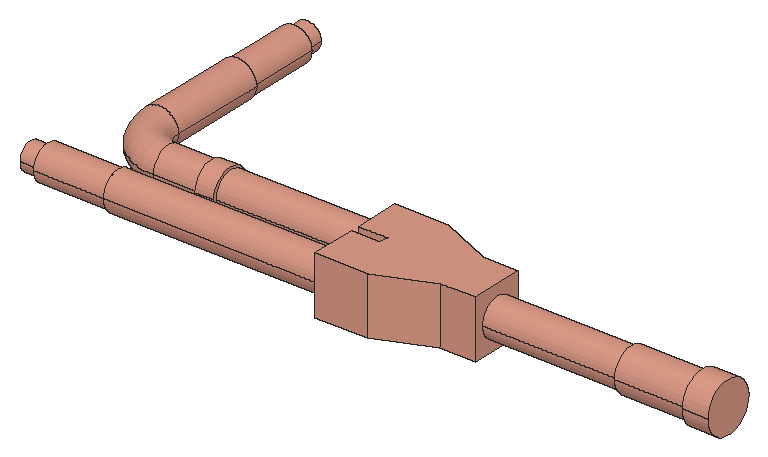
Revit family "outputfile", category 配管付属品, Revit 2024
Family settings
  丸型コネクタ寸法 = 半径を使用
  パーツ タイプ = 標準
  OmniClass 番号 = 23.65.55.00
  OmniClass タイトル = Distribution of Supplied Liquids/Gases
  作業面ベース = いいえ
  常に垂直 = はい
  ロード時にボイドで切り取り = いいえ
  共有 = いいえ
Parameters (values of type "BHFP26MA84_(2)")
  Description = ""
  製造元 = "Daikin"
  書き出し IFC クラス(タイプ) = "IfcPipeFittingType"
  Default Elevation = 0.0 mm
  定義済み IFC タイプ(タイプ) = "JUNCTION"
  Cost = 0
  モデル = "BHFP26MA84_(2)"
  Type Comments = ""
  Keynote = ""
  Type Image = (empty or 0)
  Assembly Code = ""
  table_PipeToCU_B [instance] = if(mm⇔inch, "Multi Module Kit_BHFP26MA-_Liquid_PipeToCU_B", "Multi Module Kit_BHFP26MA-_Liquid_PipeToCU_B_inch")  # "Multi Module Kit_BHFP26MA-_Liquid_PipeToCU_B"
  table_PipeToCU_A [instance] = if(mm⇔inch, "Multi Module Kit_BHFP26MA-_Liquid_PipeToCU_A", "Multi Module Kit_BHFP26MA-_Liquid_PipeToCU_A_inch")  # "Multi Module Kit_BHFP26MA-_Liquid_PipeToCU_A"
  table_ToMainPipe [instance] = if(mm⇔inch, "Multi Module Kit_BHFP26MA-_Liquid_ToMainPipe", "Multi Module Kit_BHFP26MA-_Liquid_ToMainPipe_inch")  # "Multi Module Kit_BHFP26MA-_Liquid_ToMainPipe"
  switch_ToMainPipe3 [instance] = if(number_ToMainPipe < 3, 1 = 0, 1 = 1)  # no
  switch_PipeToCU_B Reducer [instance] = if(and(Is_PipeToCU_B Reducer = 1, judge_IsOffsetPipe_ToOutdoorUnitB = 0), 1 = 1, 1 = 0)  # no
  switch_PipeToCU_B4 [instance] = if(number_PipeToCU_B < 4, 1 = 0, 1 = 1)  # no
  switch_PipeToCU_B3 [instance] = if(number_PipeToCU_B < 3, 1 = 0, 1 = 1)  # no
  switch_PipeToCU_B2 [instance] = if(number_PipeToCU_B < 2, 1 = 0, 1 = 1)  # yes
  switch_PipeToCU_A Reducer [instance] = if(Is_PipeToCU_A Reducer = 1, 1 = 1, 1 = 0)  # yes
  switch_ToMainPipe Reducer [instance] = if(Is_ToMainPipe Reducer = 1, 1 = 1, 1 = 0)  # no
  switch_ToMainPipe2 [instance] = if(number_ToMainPipe < 2, 1 = 0, 1 = 1)  # yes
  r_PipeToCU_B_ActualDiameter [instance] = PipeToCU_B_Liquid_ActualDiameter / 2  # 4.75 mm
  r_PipeToCU_A_ActualDiameter [instance] = PipeToCU_A_Liquid_ActualDiameter / 2  # 4.75 mm
  r_ToMainPipe_ActualDiameter [instance] = ToMainPipe_Liquid_ActualDiameter / 2  # 9.55 mm
  number_PipeToCU_B ReducerPipe [instance] = size_lookup(table_PipeToCU_B, "reducerPipeNumber", 0, モデル, judge_IsOffsetPipe_ToOutdoorUnitB, PipeToCU_B_Liquid_ActualDiameter)  # 0
  number_PipeToCU_B [instance] = size_lookup(table_PipeToCU_B, "pipeNumber", 2, モデル, judge_IsOffsetPipe_ToOutdoorUnitB, PipeToCU_B_Liquid_ActualDiameter)  # 2
  number_PipeToCU_A ReducerPipe [instance] = size_lookup(table_PipeToCU_A, "reducerPipeNumber", 3, モデル, PipeToCU_A_Liquid_ActualDiameter)  # 3
  number_ToMainPipe [instance] = size_lookup(table_ToMainPipe, "pipeNumber", 3, モデル, ToMainPipe_Liquid_ActualDiameter)  # 2
  mm⇔inch [instance] = yes
  l_ToMainPipe3 [instance] = size_lookup(table_ToMainPipe, "L_Pipe3", 11.0 mm, モデル)  # 2.0 mm
  judge_IsOffsetPipe_ToOutdoorUnitB [instance] = 0  # constant formula
  Unit Type = "BHFP26MA-_Liquid"
  Uniclass2015Version = "Products v1.31"
  Uniclass2015Title = "Copper pipe fittings"
  Uniclass2015Code = "Pr_65_52_63_18"
  URL = ""
  ToMainPipe_Liquid_Status [instance] = size_lookup(table_ToMainPipe, "Information", "The connected pipe size is not available.", モデル, ToMainPipe_Liquid_ActualDiameter)  # "Default connector size is used."
  ToMainPipe_Liquid_ActualDiameter [instance] = 19.1 mm
  Tag No. [instance] = ""
  Series = "Multi Module kit"
  PipeToCU_B_Liquid_Status [instance] = size_lookup(table_PipeToCU_B, "Information", "The connected pipe size is not available.", モデル, judge_IsOffsetPipe_ToOutdoorUnitB, PipeToCU_B_Liquid_ActualDiameter)  # "Default connector size is used."
  PipeToCU_B_Liquid_ActualDiameter [instance] = 9.5 mm
  PipeToCU_A_Liquid_Status [instance] = size_lookup(table_PipeToCU_A, "Information", "The connected pipe size is not available.", モデル, PipeToCU_A_Liquid_ActualDiameter)  # "Reducer is used at connector."
  PipeToCU_A_Liquid_ActualDiameter [instance] = 9.5 mm
  O.D_PipeToCU_B Reducer [instance] = size_lookup(table_PipeToCU_B, "O.D_reducer", 2.0 mm, モデル, judge_IsOffsetPipe_ToOutdoorUnitB, PipeToCU_B_Liquid_ActualDiameter)  # 2.0 mm
  Material_Piping = DAIKIN_Copper_Pipe
  Material_Insulation = DAIKIN_White_Insulation
  location_PipeToCU_A connector [instance] = size_lookup(table_PipeToCU_A, "Locationconnector", 107.0 mm, モデル, PipeToCU_A_Liquid_ActualDiameter)  # 107.0 mm
  l_PipeToCU_B connector [instance] = size_lookup(table_PipeToCU_B, "Length", 128.0 mm, モデル, judge_IsOffsetPipe_ToOutdoorUnitB, PipeToCU_B_Liquid_ActualDiameter)  # 128.0 mm
  l_PipeToCU_B Reducer [instance] = 80.0 mm  # constant formula
  l_PipeToCU_B4 [instance] = size_lookup(table_PipeToCU_B, "L_Pipe4", 2.0 mm, モデル)  # 2.0 mm
  l_PipeToCU_B3 [instance] = size_lookup(table_PipeToCU_B, "L_Pipe3", 2.0 mm, モデル)  # 2.0 mm
  l_PipeToCU_B2 [instance] = size_lookup(table_PipeToCU_B, "L_Pipe2", 7.0 mm, モデル)  # 7.0 mm
  l_PipeToCU_B1 [instance] = size_lookup(table_PipeToCU_B, "L_Pipe1", 30.0 mm, モデル)  # 30.0 mm
  l_PipeToCU_B0 [instance] = size_lookup(table_PipeToCU_B, "L_Pipe0", 91.0 mm, モデル)  # 91.0 mm
  l_PipeToCU_A connector [instance] = size_lookup(table_PipeToCU_A, "Length", 97.0 mm, モデル, PipeToCU_A_Liquid_ActualDiameter)  # 97.0 mm
  l_PipeToCU_A1 [instance] = size_lookup(table_PipeToCU_A, "L_Pipe1", 8.0 mm, モデル)  # 8.0 mm
  l_PipeToCU_A0 [instance] = size_lookup(table_PipeToCU_A, "L_Pipe0", 62.0 mm, モデル)  # 62.0 mm
  l_ToMainPipe connector [instance] = size_lookup(table_ToMainPipe, "Length", 128.0 mm, モデル, ToMainPipe_Liquid_ActualDiameter)  # 98.0 mm
  l_ToMainPipe Reducer [instance] = size_lookup(table_ToMainPipe, "L_Reducer", 2.0 mm, モデル, ToMainPipe_Liquid_ActualDiameter)  # 2.0 mm
  l_ToMainPipe2 [instance] = size_lookup(table_ToMainPipe, "L_Pipe2", 30.0 mm, モデル)  # 11.0 mm
  l_ToMainPipe1 [instance] = size_lookup(table_ToMainPipe, "L_Pipe1", 30.0 mm, モデル)  # 30.0 mm
  l_ToMainPipe0 [instance] = size_lookup(table_ToMainPipe, "L_Pipe0", 57.0 mm, モデル)  # 57.0 mm
  judge_JointType(1or2) = 2
  count_PipeToCU_B Reducer [instance] = 0  # constant formula
  count_PipeToCU_A Reducer [instance] = size_lookup(table_PipeToCU_A, "reducerCount", 1, モデル, PipeToCU_A_Liquid_ActualDiameter)  # 1
  angle_PipeToCU_A Pipe [instance] = if([RotateBranchPipetoCU_A_-90°], 270.00°, 0.00°)  # 0.00°
  angle_PipeToCU_A Connector [instance] = angle_PipeToCU_A Pipe + 90.00°  # 90.00°
  PipeToCU_B_Liquid_AvailableDiameter [instance] = size_lookup(table_PipeToCU_B, "sizeVariation", "", モデル, judge_IsOffsetPipe_ToOutdoorUnitB)  # "9.5/12.7mm"
  PipeToCU_A_Liquid_AvailableDiameter [instance] = size_lookup(table_PipeToCU_A, "sizeVariation", "", モデル)  # "9.5/12.7mm"
  ToMainPipe_Liquid_AvailableDiameter [instance] = size_lookup(table_ToMainPipe, "sizeVariation", "", モデル)  # "15.9/19.1mm"
  RotateBranchPipetoCU_A_-90° [instance] = no
  O.D_ToMainPipe Reducer [instance] = size_lookup(table_ToMainPipe, "O.D_reducer", 2.0 mm, モデル, ToMainPipe_Liquid_ActualDiameter)  # 2.0 mm
  Link_Nested Family [instance] = ""
  Is_PipeToCU_B Reducer [instance] = size_lookup(table_PipeToCU_B, "IsReducer", 0, モデル, judge_IsOffsetPipe_ToOutdoorUnitB, PipeToCU_B_Liquid_ActualDiameter)  # 0
  Is_PipeToCU_A Reducer [instance] = size_lookup(table_PipeToCU_A, "IsReducer", 1, モデル, PipeToCU_A_Liquid_ActualDiameter)  # 1
  Is_ToMainPipe Reducer [instance] = size_lookup(table_ToMainPipe, "IsReducer", 0, モデル, ToMainPipe_Liquid_ActualDiameter)  # 0
  IfcVersion = ""
  IfcExportType = "JUNCTION"
  IfcExportAs = "IfcPipeFittingType"
  I.D_ToMainPipe3 [instance] = size_lookup(table_ToMainPipe, "I.D_PipeSize3", 22.2 mm, モデル)  # 2.0 mm
  I.D_PipeToCU_B Reducer [instance] = size_lookup(table_PipeToCU_B, "I.D_reducer", 2.0 mm, モデル, judge_IsOffsetPipe_ToOutdoorUnitB, PipeToCU_B_Liquid_ActualDiameter)  # 2.0 mm
  Attach_Insulation [instance] = no
  I.D_PipeToCU_B4 [instance] = size_lookup(table_PipeToCU_B, "I.D_PipeSize4", 2.0 mm, モデル)  # 2.0 mm
  I.D_PipeToCU_B3 [instance] = size_lookup(table_PipeToCU_B, "I.D_PipeSize3", 2.0 mm, モデル)  # 2.0 mm
  I.D_PipeToCU_B2 [instance] = size_lookup(table_PipeToCU_B, "I.D_PipeSize2", 9.5 mm, モデル)  # 9.5 mm
  I.D_PipeToCU_B1 [instance] = size_lookup(table_PipeToCU_B, "I.D_PipeSize1", 12.7 mm, モデル)  # 12.7 mm
  I.D_PipeToCU_B0 [instance] = size_lookup(table_PipeToCU_B, "I.D_PipeSize0", 13.9 mm, モデル)  # 13.9 mm
  I.D_PipeToCU_A1 [instance] = 15.5 mm  # constant formula
  I.D_PipeToCU_A0 [instance] = 13.9 mm  # constant formula
  I.D_ToMainPipe Reducer [instance] = size_lookup(table_ToMainPipe, "I.D_reducer", 2.0 mm, モデル, ToMainPipe_Liquid_ActualDiameter)  # 2.0 mm
  I.D_ToMainPipe2 [instance] = size_lookup(table_ToMainPipe, "I.D_PipeSize2", 19.1 mm, モデル)  # 19.1 mm
  I.D_ToMainPipe1 [instance] = size_lookup(table_ToMainPipe, "I.D_PipeSize1", 15.9 mm, モデル)  # 15.9 mm
  I.D_ToMainPipe0 [instance] = size_lookup(table_ToMainPipe, "I.D_PipeSize0", 13.9 mm, モデル)  # 13.9 mm
Reference planes
  plane 1 "Center (Front/Back)": y = 0
  plane 2: z = 0
  plane 3 "pipe2": x = 225.65
  plane 4: x = 214.65
  plane 5: x = 184.65
  plane 6: x = 127.65
  plane 7: x = 67.65
  plane 8: x = -2.35
  plane 9: x = -23.35
  plane 10: x = -53.35
  plane 11: x = -60.35
  plane 12: x = -62.35
  plane 13: x = -64.35
  plane 14 "offset_center": y = 11.5
  plane 15: y = -11.5
  plane 16: x = 5.65
  plane 17: x = 177.65
  plane 18 "ToMainPipe_connector": x = 225.65
  plane 19 "connector_OutdoorunitA": x = -39.35
  plane 20 "connector_ToOutdoorUnitB": x = -104.35
  plane 21 "pipe3": x = 227.65
  plane 22 "connector_PipeToCU_B": x = -60.35
Forms (mm)
  Extrusion 1, solid, material "DAIKIN_Copper_Pipe" <- "Material_Piping"
    sketch origin (0, 0, 0) x (1, 0, 0) y (0, 1, 0)
      loop
        line (67.65, 1.998) -> (79.65, 1.998) -> (79.65, -1.998) -> (67.65, -1.998) -> (67.65, -21.2) -> (89.801, -21.2) -> (112.65, -11.3) -> (127.65, -11.3) -> (127.65, 11.3) -> (112.65, 11.3) -> (89.801, 21.2) -> (67.65, 21.2) -> (67.65, 1.998)
    from -12.2 to 12.2
Dimensions and locks
  locked: plane 6 to plane 17 at 50
  "l_PipeToCU_A1": plane 8 to plane 16
  "l_PipeToCU_B1": plane 10 to plane 9
  "l_PipeToCU_B2": plane 11 to plane 10
  "l_PipeToCU_B3": plane 12 to plane 11
  "l_PipeToCU_B4": plane 13 to plane 12
  locked: plane 7 to plane 6 at 60
  "l_ToMainPipe1": plane 5 to plane 4
  "l_ToMainPipe2": plane 4 to plane 3 "pipe2"
  "l_ToMainPipe0": plane 6 to plane 5
  "l_ToMainPipe connector": plane 6 to plane 18 "ToMainPipe_connector"
  plane 14 "offset_center" to plane 1 "Center (Front/Back)" to plane 15 = 11.5 mm locked, 11.5 mm locked
  locked: plane 1 "Center (Front/Back)" to Extrusion 1 sketch curve at 11.3  (x2)
  locked: Extrusion 1 sketch curve to plane 1 "Center (Front/Back)" at 21.2
  locked: plane 1 "Center (Front/Back)" to Extrusion 1 sketch curve at 21.2
  "l_PipeToCU_A0": plane 16 to plane 7
  "location_PipeToCU_A connector": plane 19 "connector_OutdoorunitA" to plane 7
  "l_PipeToCU_B0": plane 9 to plane 7
  "l_ToMainPipe3": plane 3 "pipe2" to plane 21 "pipe3"
  "l_PipeToCU_B connector": plane 22 "connector_PipeToCU_B" to plane 7
  aligned and locked: level to plane 2
  aligned and locked: plane 2 to nested 1
  aligned and locked: plane 1 "Center (Front/Back)" to nested 1
  aligned and locked: plane 3 "pipe2" to nested 1
  aligned and locked: plane 4 to nested 1
  aligned and locked: plane 4 to nested 2
  aligned and locked: plane 5 to nested 2
  aligned and locked: plane 5 to nested 3
  aligned and locked: plane 6 to nested 3
  aligned and locked: plane 6 to Extrusion 1
  aligned and locked: Extrusion 1 to plane 7  (x2)
  aligned and locked: plane 7 to nested 4
  aligned and locked: plane 8 to nested 5
  aligned and locked: plane 16 to nested 5
  aligned and locked: nested 5 to plane 14 "offset_center"
  aligned and locked: nested 6 to plane 15
  aligned and locked: plane 7 to nested 6
  aligned and locked: plane 9 to nested 6
  aligned and locked: plane 10 to nested 7
  aligned and locked: plane 9 to nested 7
  aligned and locked: plane 11 to nested 8
  aligned and locked: plane 10 to nested 8
  aligned and locked: plane 12 to nested 9
  aligned and locked: plane 11 to nested 9
  aligned and locked: plane 13 to nested 10
  aligned and locked: plane 12 to nested 10
  aligned and locked: nested 10 to plane 15
  aligned and locked: nested 9 to plane 15
  aligned and locked: nested 8 to plane 15
  aligned and locked: nested 7 to plane 15
  aligned and locked: plane 1 "Center (Front/Back)" to nested 11
  aligned and locked: plane 17 to nested 11
  aligned and locked: plane 16 to nested 4
  aligned and locked: nested 12 to plane 14 "offset_center"
  aligned and locked: plane 8 to nested 12
  aligned and locked: plane 1 "Center (Front/Back)" to nested 13
  aligned and locked: plane 18 "ToMainPipe_connector" to nested 13
  aligned and locked: plane 6 to nested 14
  aligned and locked: plane 1 "Center (Front/Back)" to nested 3
  aligned and locked: plane 14 "offset_center" to nested 15
  aligned and locked: nested 15 to plane 19 "connector_OutdoorunitA"
  aligned and locked: nested 16 to plane 7
  aligned and locked: nested 4 to plane 14 "offset_center"
  aligned and locked: plane 3 "pipe2" to nested 17
  aligned and locked: plane 21 "pipe3" to nested 17
  aligned and locked: nested 16 to plane 15
  aligned and locked: nested 18 to plane 22 "connector_PipeToCU_B"
  aligned and locked: plane 15 to nested 18
Automatic sketch dimensions
  Extrusion 1 sketch curve to plane 7 = 0.0 mm  (x2)
  Extrusion 1 sketch curve to plane 6 = 0.0 mm
  Extrusion 1 sketch curve to plane 1 "Center (Front/Back)" = 1.998 mm
  plane 7 to Extrusion 1 sketch curve = 12.0 mm
  Extrusion 1 sketch curve to Extrusion 1 sketch curve = 10.151 mm  (x2)
  Extrusion 1 sketch curve to Extrusion 1 sketch curve = 15.0 mm  (x2)
  plane 1 "Center (Front/Back)" to Extrusion 1 sketch curve = 1.998 mm
Nested families
  nested 1: "daikin_Pipe" at (220.15, 0, 0), I.D_Pipe <- "I.D_ToMainPipe2", display <- "switch_ToMainPipe2", type "*"
    with length_Pipe 11.0 mm, display yes, O.D_Pipe 21.1 mm, I.D_Pipe 19.1 mm
  nested 2: "daikin_Pipe" at (199.65, 0, 0), I.D_Pipe <- "I.D_ToMainPipe1", type "*"
    with length_Pipe 30.0 mm, display yes, O.D_Pipe 17.9 mm, I.D_Pipe 15.9 mm
  nested 3: "daikin_Pipe" at (156.15, 0, 0), I.D_Pipe <- "I.D_ToMainPipe0", type "*"
    with length_Pipe 57.0 mm, display yes, O.D_Pipe 15.9 mm, I.D_Pipe 13.9 mm
  nested 4: "daikin_Pipe" at (36.65, 11.5, 0), I.D_Pipe <- "I.D_PipeToCU_A0", type "*"
    with length_Pipe 62.0 mm, display yes, O.D_Pipe 15.9 mm, I.D_Pipe 13.9 mm
  nested 5: "daikin_Pipe" at (1.65, 11.5, 0), I.D_Pipe <- "I.D_PipeToCU_A1", type "*"
    with length_Pipe 8.0 mm, display yes, O.D_Pipe 17.5 mm, I.D_Pipe 15.5 mm
  nested 6: "daikin_Pipe" at (22.15, -11.5, 0), I.D_Pipe <- "I.D_PipeToCU_B0", type "*"
    with length_Pipe 91.0 mm, display yes, O.D_Pipe 15.9 mm, I.D_Pipe 13.9 mm
  nested 7: "daikin_Pipe" at (-38.35, -11.5, 0), I.D_Pipe <- "I.D_PipeToCU_B1", type "*"
    with length_Pipe 30.0 mm, display yes, O.D_Pipe 14.7 mm, I.D_Pipe 12.7 mm
  nested 8: "daikin_Pipe" at (-56.85, -11.5, 0), I.D_Pipe <- "I.D_PipeToCU_B2", display <- "switch_PipeToCU_B2", type "*"
    with length_Pipe 7.0 mm, display yes, O.D_Pipe 11.5 mm, I.D_Pipe 9.5 mm
  nested 9: "daikin_Pipe" at (-61.35, -11.5, 0), display <- "switch_PipeToCU_B3", I.D_Pipe <- "I.D_PipeToCU_B3", visible <- "switch_PipeToCU_B3", type "*"
    with length_Pipe 2.0 mm, display no, O.D_Pipe 4.0 mm, I.D_Pipe 2.0 mm
  nested 10: "daikin_Pipe" at (-63.35, -11.5, 0), display <- "switch_PipeToCU_B4", I.D_Pipe <- "I.D_PipeToCU_B4", visible <- "switch_PipeToCU_B4", type "*"
    with length_Pipe 2.0 mm, display no, O.D_Pipe 4.0 mm, I.D_Pipe 2.0 mm
  nested 11: "daikin_MultiModeluKit_Insulation" at (177.65, 0, 0), display <- "Attach_Insulation", type "*"
    with h 54.2 mm, display no, I.D_Outlet PipeSize 22.2 mm
  nested 12: "daikin_Multi Module kit_Reducer90_rotate" at (-2.35, 11.5, 0), number_reducerPipe <- "number_PipeToCU_A ReducerPipe", angle_Pipe <- "angle_PipeToCU_A Pipe", I.D_Pipe <- "PipeToCU_A_Liquid_ActualDiameter", count_Reducer <- "count_PipeToCU_A Reducer", type "*"
    with number_reducerPipe 3, display_Pipe2 yes, display_Pipe1 yes, count_Reducer 1, angle_Pipe 0.00°, I.D_Pipe 9.5 mm
  nested 13: "daikin_Pipe_reducer" at (224.65, 0, 0), I.D_Pipe1 <- "I.D_ToMainPipe Reducer", O.D_Pipe2 <- "O.D_ToMainPipe Reducer", length_Pipe <- "l_ToMainPipe Reducer", display <- "switch_ToMainPipe Reducer", type "*"
    with length_Pipe 2.0 mm, display no, O.D_Pipe2 2.0 mm, O.D_Pipe1 4.0 mm, I.D_Pipe2 0.0 mm, I.D_Pipe1 2.0 mm
  nested 14: "daikin_connector_rotate3" at (127.65, 0, 0) x (0, 1, 0) z (0, 0, 1), length <- "l_ToMainPipe connector", type "daikin_connector_rotate3"
    with radius 10.0 mm, length 98.0 mm, angle_vertical 90.00°, angle_horizontal 0.00°
  nested 15: "daikin_connector_rotate3" at (-39.35, 11.5, 0) x (-1, 0, 0) z (0, 0, 1), length <- "l_PipeToCU_A connector", angle_vertical <- "angle_PipeToCU_A Connector", type "daikin_connector_rotate3"
    with radius 10.0 mm, length 97.0 mm, angle_vertical 90.00°, angle_horizontal 0.00°
  nested 16: "daikin_connector_rotate3" at (67.65, -11.5, 0) x (0, -1, 0) z (0, 0, 1), length <- "l_PipeToCU_B connector", type "daikin_connector_rotate3"
    with radius 10.0 mm, length 128.0 mm, angle_vertical 90.00°, angle_horizontal 0.00°
  nested 17: "daikin_Pipe" at (226.65, 0, 0), display <- "switch_ToMainPipe3", I.D_Pipe <- "I.D_ToMainPipe3", type "*"
    with length_Pipe 2.0 mm, display no, O.D_Pipe 4.0 mm, I.D_Pipe 2.0 mm
  nested 18: "daikin_Pipe_reducer" at (-20.35, -11.5, 0) x (-1, 0, 0) z (0, 0, 1), length_Pipe <- "l_PipeToCU_B Reducer", I.D_Pipe1 <- "I.D_PipeToCU_B Reducer", O.D_Pipe2 <- "O.D_PipeToCU_B Reducer", display <- "switch_PipeToCU_B Reducer", type "*"
    with length_Pipe 80.0 mm, display no, O.D_Pipe2 2.0 mm, O.D_Pipe1 4.0 mm, I.D_Pipe2 0.0 mm, I.D_Pipe1 2.0 mm
Connectors
  piping at (225.65, 0, 0), diameter 19.1, driven by "r_ToMainPipe_ActualDiameter"
    settings: on nested 14, index 1, connector inside diameter 609.6 mm, connector length 0.0 mm, flow factor 0, pipe flow 0.00 m³/h, pressure drop 0.0 Pa, fitting loss kfactor 0, connector angle 0.00°, fixture units 0, engagement length 0.0 mm, angle of deflection 0.00°, flow configuration 0, flow direction 2, fitting loss method 0, system type 29, joint type 0, gender type 0, connector reference index -1, connector utility 0, adjustable connector no, is connector primary yes, connector description "Multi Module kit_to Main Pipe_Liquid"
  piping at (-39.35, 108.5, 0), diameter 9.5, driven by "r_PipeToCU_A_ActualDiameter"
    settings: on nested 15, index 2, connector inside diameter 609.6 mm, connector length 0.0 mm, flow factor 0, pipe flow 0.00 m³/h, pressure drop 0.0 Pa, fitting loss kfactor 0, connector angle 0.00°, fixture units 0, engagement length 0.0 mm, angle of deflection 0.00°, flow configuration 0, flow direction 1, fitting loss method 0, system type 29, joint type 0, gender type 0, connector reference index -1, connector utility 0, adjustable connector no, is connector primary no, connector description "Multi Module kit_Piping to CU-A_Liquid"
  piping at (-60.35, -11.5, 0), diameter 9.5, driven by "r_PipeToCU_B_ActualDiameter"
    settings: on nested 16, index 3, connector inside diameter 609.6 mm, connector length 0.0 mm, flow factor 0, pipe flow 0.00 m³/h, pressure drop 0.0 Pa, fitting loss kfactor 0, connector angle 0.00°, fixture units 0, engagement length 0.0 mm, angle of deflection 0.00°, flow configuration 0, flow direction 1, fitting loss method 0, system type 29, joint type 0, gender type 0, connector reference index -1, connector utility 0, adjustable connector no, is connector primary no, connector description "Multi Module kit_Piping to CU-B_Liquid"
Definition of nested family "daikin_Pipe"
  Parameters (values of type "*")
    Default Elevation = 0.0 mm
    material = none
    length_Pipe [instance] = 150.0 mm
    display [instance] = yes
    O.D_Pipe [instance] = I.D_Pipe + 2.0 mm  # 27.0 mm
    I.D_Pipe [instance] = 25.0 mm
  Reference planes
    plane 1 "Center (Front/Back)": y = 0
    plane 2 "center(vertical)": z = 0
    plane 3 "Center (Left/Right)": x = 0
    plane 4 "left": x = -75
    plane 5 "right": x = 75
  Forms (mm)
    Extrusion 1, solid, material <- "material", visible <- "display"
      sketch origin (0, 0, 0) x (0, 1, 0) y (0, 0, 1)
        loop
          circle (0, 0) r 13.5
      from -75 to 75
  Dimensions and locks
    equal spacing: plane 4 "left", plane 3 "Center (Left/Right)", plane 5 "right"
    "length_Pipe": plane 4 "left" to plane 5 "right"
    "O.D_Pipe": diameter of Extrusion 1 sketch curve
    aligned and locked: level to plane 2 "center(vertical)"
    aligned and locked: plane 2 "center(vertical)" to Extrusion 1 sketch curve
    aligned and locked: plane 1 "Center (Front/Back)" to Extrusion 1 sketch curve
    aligned and locked: plane 5 "right" to Extrusion 1
    aligned and locked: Extrusion 1 to plane 4 "left"
Definition of nested family "daikin_Multi Module kit_Reducer90_rotate"
  Parameters (values of type "*")
    Default Elevation = 0.0 mm
    number_reducerPipe [instance] = 4
    material_Pipe = none
    display_Pipe2 [instance] = if(number_reducerPipe < 3, 1 = 0, 1 = 1)  # yes
    display_Pipe1 [instance] = if(number_reducerPipe < 2, 1 = 0, 1 = 1)  # yes
    count_Reducer [instance] = 0
    angle_Pipe [instance] = 30.00°
    I.D_Pipe [instance] = 0.0 mm
  Reference planes
    plane 1 "Center (Front/Back)": y = 0
    plane 2: z = 0
    plane 3 "Center (Left/Right)": x = 0
  Dimensions and locks
    "angle_Pipe": angle plane 2 to nested 1
    aligned and locked: level to plane 2
  Nested families
    nested 1: "daikin_Multi Module kit_Reducer90" at (0, 0, 0) x (1, 0, 0) z (0, -0.5, 0.866), display_Pipe2 <- "display_Pipe2", display_Pipe1 <- "display_Pipe1", I.D_connector <- "I.D_Pipe", count_Reducer <- "count_Reducer", type "*"
      with display_Reducer no, display_Pipe2 yes, display_Pipe1 yes, count_Reducer 0, I.D_connector 0.0 mm
  Definition of nested family "daikin_Multi Module kit_Reducer90"
    Parameters (values of type "*")
      Default Elevation = 0.0 mm
      material_Pipe = none
      display_Reducer [instance] = and(I.D_connector = 19.1 mm, count_Reducer = 2)  # no
      display_Pipe2 [instance] = yes
      display_Pipe1 [instance] = yes
      count_Reducer [instance] = 0
      O.D_Pipe2 = 9.5 mm + 2.0 mm  # 11.5 mm
      O.D_Pipe1 = 12.7 mm + 2.0 mm  # 14.7 mm
      O.D_Pipe0 = 15.9 mm  # constant formula
      I.D_connector [instance] = 0.0 mm
    Reference planes
      plane 1 "Center (Front/Back)": y = 0
      plane 2 "center_vertical": z = 0
      plane 3 "Center (Left/Right)": x = 0
      plane 4 "center_toOutdoor": x = -37
      plane 5: y = 60
      plane 6: y = 90
      plane 7: y = 97
    Forms (mm)
      Sweep 1, solid, material <- "material_Pipe"
        path origin (0, 0, 0) x (1, 0, 0) y (0, 1, 0)
          loop
            line (0, 0) -> (-18.241, 0)
            arc (-18.241, 0) -> (-31.506, 5.494) -> (-37, 18.759) r 18.759
            line (-37, 18.759) -> (-37, 60)
        profile origin (-9.12, 0, 0) x (0, -1, 0) y (0, 0, 1)
          loop
            circle (0, 0) r 7.95
      Extrusion 2, solid, material <- "material_Pipe", visible <- "display_Pipe1"
        sketch origin (0, 0, 0) x (1, 0, 0) y (0, 0, 1)
          loop
            circle (-37, 0) r 7.35
        from -90 to -60
      Extrusion 3, solid, material <- "material_Pipe", visible <- "display_Pipe2"
        sketch origin (75, -2.05, 0) x (1, 0, 0) y (0, 0, 1)
          loop
            circle (-112, 0) r 5.75
        from -99.05 to -92.05
    Lines and regions (mm)
      reference lines
        curve 1: line (0, 0, 0) -> (-37, 0, 0)
    Dimensions and locks
      plane 1 "Center (Front/Back)" to plane 5 = 60.0 mm
      plane 6 to plane 5 = 30.0 mm
      plane 7 to plane 6 = 7.0 mm
      plane 4 "center_toOutdoor" to plane 3 "Center (Left/Right)" = 37.0 mm
      "O.D_Pipe2": diameter of Extrusion 3 sketch curve
      "O.D_Pipe0": diameter of Sweep 1 sketch curve
      "O.D_Pipe1": diameter of Extrusion 2 sketch curve
      aligned and locked: level to plane 2 "center_vertical"
      aligned and locked: plane 6 to Extrusion 2
      aligned and locked: Extrusion 2 to plane 5
      aligned and locked: Extrusion 3 to plane 6
      aligned and locked: Sweep 1 sketch curve to plane 1 "Center (Front/Back)"
      aligned and locked: plane 3 "Center (Left/Right)" to curve 1
      aligned and locked: curve 1 to plane 1 "Center (Front/Back)"
      aligned and locked: plane 7 to Extrusion 3
      aligned and locked: plane 6 to nested 1
      aligned and locked: plane 4 "center_toOutdoor" to nested 1
    Automatic sketch dimensions
      Sweep 1 sketch curve to plane 4 "center_toOutdoor" = 0.0 mm
      Sweep 1 sketch curve to plane 3 "Center (Left/Right)" = 0.0 mm
      Sweep 1 sketch curve to plane 5 = 0.0 mm
      Sweep 1 sketch curve to plane 3 "Center (Left/Right)" = 18.241 mm
      curve 1 to plane 4 "center_toOutdoor" = 0.0 mm
      Sweep 1 sketch curve to level = 0.0 mm
      Sweep 1 sketch curve to profile plane = 0.0 mm
      Extrusion 2 sketch curve to level = 0.0 mm
      Extrusion 2 sketch curve to plane 4 "center_toOutdoor" = 0.0 mm
      Extrusion 3 sketch curve to level = 0.0 mm
      Extrusion 3 sketch curve to plane 4 "center_toOutdoor" = 0.0 mm
    Nested families
      nested 1: "daikin_Pipe_reducer" at (-37, 130, 0) x (0, 1, 0) z (0, 0, 1), display <- "display_Reducer", type "*"
        with length_Pipe 80.0 mm, display no, O.D_Pipe2 12.7 mm, O.D_Pipe1 21.1 mm, I.D_Pipe2 10.7 mm, I.D_Pipe1 19.1 mm
    Definition of nested family "daikin_Pipe_reducer"
      Parameters (values of type "*")
        Default Elevation = 0.0 mm
        material = none
        length_Pipe [instance] = 250.0 mm
        display [instance] = yes
        O.D_Pipe2 [instance] = 19.1 mm
        O.D_Pipe1 [instance] = I.D_Pipe1 + 2.0 mm  # 24.2 mm
        I.D_Pipe2 [instance] = O.D_Pipe2 - 2.0 mm  # 17.1 mm
        I.D_Pipe1 [instance] = 22.2 mm
      Reference planes
        plane 1 "Center (Front/Back)": y = 0
        plane 2 "center(vertical)": z = 0
        plane 3 "Center (Left/Right)": x = 0
        plane 4 "connection": x = -125
        plane 5 "right": x = 113
        plane 6: x = 125
      Forms (mm)
        Extrusion 1, solid, material <- "material", visible <- "display"
          sketch origin (0, 0, 0) x (0, 1, 0) y (0, 0, 1)
            loop
              circle (0, 0) r 9.55
          from -125 to 113
        Extrusion 2, solid, material <- "material", visible <- "display"
          sketch origin (0, 0, 0) x (0, 1, 0) y (0, 0, 1)
            loop
              circle (0, 0) r 12.1
          from 113 to 125
      Dimensions and locks
        locked: plane 5 "right" to plane 6 at 12
        "length_Pipe": plane 4 "connection" to plane 6
        equal spacing: plane 4 "connection", plane 3 "Center (Left/Right)", plane 6
        "O.D_Pipe2": diameter of Extrusion 1 sketch curve
        "O.D_Pipe1": diameter of Extrusion 2 sketch curve
        aligned and locked: level to plane 2 "center(vertical)"
        aligned and locked: plane 2 "center(vertical)" to Extrusion 1 sketch curve
        aligned and locked: plane 1 "Center (Front/Back)" to Extrusion 1 sketch curve
        aligned and locked: plane 5 "right" to Extrusion 1
        aligned and locked: Extrusion 1 to plane 4 "connection"
        aligned and locked: plane 2 "center(vertical)" to Extrusion 2 sketch curve
        aligned and locked: plane 1 "Center (Front/Back)" to Extrusion 2 sketch curve
        aligned and locked: Extrusion 2 to plane 5 "right"
        aligned and locked: plane 6 to Extrusion 2
Definition of nested family "daikin_MultiModeluKit_Insulation"
  Parameters (values of type "*")
    Default Elevation = 0.0 mm
    Model = ""
    material = none
    h [instance] = (I.D_Outlet PipeSize + 2.0 mm) + 30.0 mm  # 47.0 mm
    display [instance] = yes
    I.D_Outlet PipeSize [instance] = 15.0 mm
  Reference planes
    plane 1 "Center (Front/Back)": y = 0
    plane 2: z = 0
    plane 3 "Left": x = 0
    plane 4 "top": z = 23.5
    plane 5 "bottom": z = -23.5
  Forms (mm)
    Extrusion 1, solid, material <- "material", visible <- "display"
      sketch origin (0, 0, 0) x (1, 0, 0) y (0, 1, 0)
        loop
          line (0, -22.3) -> (0, 22.3) -> (-101, 45.79) -> (-187, 45.79) -> (-187, 6.128) -> (-257, 10) -> (-257, -45.79) -> (-101, -45.79) -> (0, -22.3)
      from -23.5 to 23.5
  Dimensions and locks
    equal spacing: plane 4 "top", plane 2, plane 5 "bottom"
    "h": plane 4 "top" to plane 5 "bottom"
    equal spacing: Extrusion 1 sketch curve, plane 1 "Center (Front/Back)", Extrusion 1 sketch curve
    locked: Extrusion 1 sketch curve to plane 3 "Left" at 101  (x2)
    locked: Extrusion 1 sketch curve to plane 3 "Left" at 187
    locked: Extrusion 1 sketch curve to plane 3 "Left" at 257
    aligned and locked: level to plane 2
    aligned and locked: plane 3 "Left" to Extrusion 1
    aligned and locked: Extrusion 1 to plane 5 "bottom"
    aligned and locked: plane 4 "top" to Extrusion 1
  Automatic sketch dimensions
    Extrusion 1 sketch curve to plane 3 "Left" = 0.0 mm
    plane 1 "Center (Front/Back)" to Extrusion 1 sketch curve = 45.79 mm
    plane 1 "Center (Front/Back)" to Extrusion 1 sketch curve = 22.3 mm
    Extrusion 1 sketch curve to plane 1 "Center (Front/Back)" = 45.79 mm
    Extrusion 1 sketch curve to plane 1 "Center (Front/Back)" = 10.0 mm
    Extrusion 1 sketch curve to plane 1 "Center (Front/Back)" = 6.128 mm
Definition of nested family "daikin_Pipe_reducer"
  Parameters (values of type "*")
    Default Elevation = 0.0 mm
    material = none
    length_Pipe [instance] = 250.0 mm
    display [instance] = yes
    O.D_Pipe2 [instance] = 19.1 mm
    O.D_Pipe1 [instance] = I.D_Pipe1 + 2.0 mm  # 24.2 mm
    I.D_Pipe2 [instance] = O.D_Pipe2 - 2.0 mm  # 17.1 mm
    I.D_Pipe1 [instance] = 22.2 mm
  Reference planes
    plane 1 "Center (Front/Back)": y = 0
    plane 2 "center(vertical)": z = 0
    plane 3 "Center (Left/Right)": x = 0
    plane 4 "connection": x = -125
    plane 5 "right": x = 113
    plane 6: x = 125
  Forms (mm)
    Extrusion 1, solid, material <- "material", visible <- "display"
      sketch origin (0, 0, 0) x (0, 1, 0) y (0, 0, 1)
        loop
          circle (0, 0) r 9.55
      from -125 to 113
    Extrusion 2, solid, material <- "material", visible <- "display"
      sketch origin (0, 0, 0) x (0, 1, 0) y (0, 0, 1)
        loop
          circle (0, 0) r 12.1
      from 113 to 125
  Dimensions and locks
    locked: plane 5 "right" to plane 6 at 12
    "length_Pipe": plane 4 "connection" to plane 6
    equal spacing: plane 4 "connection", plane 3 "Center (Left/Right)", plane 6
    "O.D_Pipe2": diameter of Extrusion 1 sketch curve
    "O.D_Pipe1": diameter of Extrusion 2 sketch curve
    aligned and locked: level to plane 2 "center(vertical)"
    aligned and locked: plane 2 "center(vertical)" to Extrusion 1 sketch curve
    aligned and locked: plane 1 "Center (Front/Back)" to Extrusion 1 sketch curve
    aligned and locked: plane 5 "right" to Extrusion 1
    aligned and locked: Extrusion 1 to plane 4 "connection"
    aligned and locked: plane 2 "center(vertical)" to Extrusion 2 sketch curve
    aligned and locked: plane 1 "Center (Front/Back)" to Extrusion 2 sketch curve
    aligned and locked: Extrusion 2 to plane 5 "right"
    aligned and locked: plane 6 to Extrusion 2
Definition of nested family "daikin_connector_rotate3"
  Parameters (values of type "daikin_connector_rotate3")
    Default Elevation = 1219.2 mm
    show_face = no
    show_circle = no
    radius [instance] = 10.0 mm
    length [instance] = 600.0 mm
    angle_horizontal [instance] = 60.00°
    angle_vertical [instance] = 90.00°
  Reference planes
    plane 1 "Center (Front/Back)": y = 0
    plane 2: z = 0
    plane 3 "Center (Left/Right)": x = 0
  Dimensions and locks
    "angle_horizontal": angle plane 3 "Center (Left/Right)" to nested 1
    aligned and locked: level to plane 2
    aligned and locked: plane 1 "Center (Front/Back)" to nested 1  (x2)
    aligned and locked: plane 3 "Center (Left/Right)" to nested 1
  Nested families
    nested 1: "daikin_connector_rotate2" at (0, 0, 0) x (0.5, 0.866, 0) z (0, 0, 1), angle_vertical <- "angle_vertical", length <- "length", radius <- "radius", type "daikin_connector_rotate2"
      with radius 10.0 mm, length 600.0 mm, angle_vertical 90.00°, Default Elevation 0.0 mm, show_circle no
  Definition of nested family "daikin_connector_rotate2"
    Parameters (values of type "daikin_connector_rotate2")
      Default Elevation = 1219.2 mm
      show_face = no
      show_circle = yes
      radius [instance] = 10.0 mm
      length [instance] = 600.0 mm
      d_surface = 10.0 mm
      angle_vertical [instance] = 90.00°
    Reference planes
      plane 1 "Center (Front/Back)": y = 0
      plane 2: z = 0
      plane 3 "Center (Left/Right)": x = 0
    Forms (mm)
      Extrusion 1, solid, visible <- "show_face"
        sketch origin (0, -600, 0) x (1, 0, 0) y (0, 0, 1)
          loop
            circle (0, 0) r 10
        from 0 to -10
    Lines and regions (mm)
      reference lines
        curve 1: line (0, 0, 0) -> (0, -600, 0)
      symbolic lines, visible <- "show_circle"
        curve 2: circle (0, 0, 0) r 5 normal (0, 0, 1)
      model lines, visible <- "show_face"
        curve 3: line (0, 0, 0) -> (0, -600, 0)
    Dimensions and locks
      "length": curve 1 to curve 1
      "length": curve 3 to curve 3
      "d_surface": Extrusion 1 to Extrusion 1
      "radius": radius of Extrusion 1 sketch curve
      "angle_vertical": angle curve 1 to plane 1 "Center (Front/Back)"
      "angle_vertical": angle curve 3 to plane 1 "Center (Front/Back)"
      aligned and locked: level to plane 2
      aligned and locked: plane 1 "Center (Front/Back)" to curve 1
      aligned and locked: plane 2 to curve 1
      aligned and locked: plane 1 "Center (Front/Back)" to curve 2
      aligned and locked: plane 3 "Center (Left/Right)" to curve 2
      aligned and locked: plane 1 "Center (Front/Back)" to curve 3
      aligned and locked: plane 2 to curve 3
      aligned and locked: Extrusion 1 to Extrusion 1
    Automatic sketch dimensions
      Extrusion 1 sketch curve to level = 0.0 mm
      Extrusion 1 sketch curve to plane 3 "Center (Left/Right)" = 0.0 mm
      radius of curve 2 = 5.0 mm
